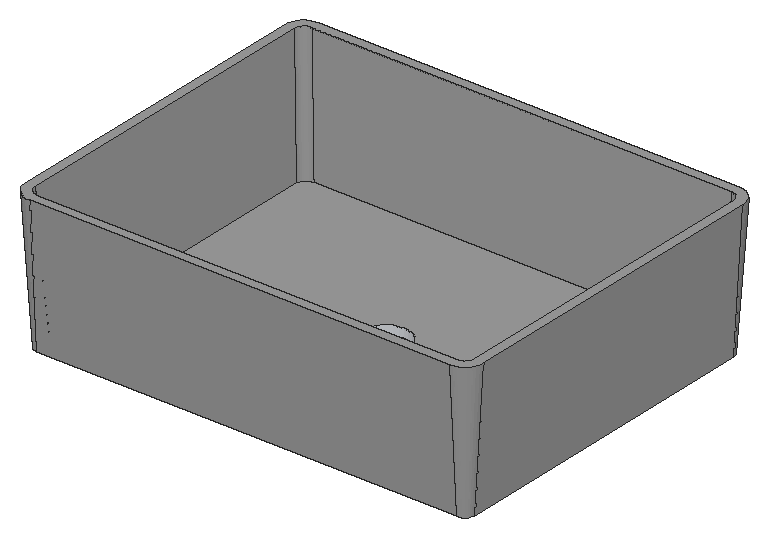
Revit family "L.TAU", category Plumbing Fixtures, Revit 2019
Family settings
  Round Connector Dimension = Use Diameter
  Part Type = Normal
  OmniClass Number = 23.45.00.00
  OmniClass Title = Sanitary, Laundry, and Cleaning Equipment
  Work Plane-Based = No
  Always vertical = Yes
  Cut with Voids When Loaded = No
  Shared = No
  Room Calculation Point = No
Reference planes
  plane 1 "Center (Front/Back)": y = 0
  plane 2: z = 0
  plane 3 "Center (Left/Right)": x = 0
Forms (mm)
  Blend 1, solid
    base sketch origin (0, 0, 0) x (1, 0, 0) y (0, 1, 0)
      loop
        line (455, 365) -> (20, 365)
        arc (20, 365) -> (12.929, 362.071) -> (10, 355) r 10
        line (10, 355) -> (10, 20)
        arc (10, 20) -> (12.929, 12.929) -> (20, 10) r 10
        line (20, 10) -> (455, 10)
        arc (455, 10) -> (462.071, 12.929) -> (465, 20) r 10
        line (465, 20) -> (465, 355)
        arc (465, 355) -> (462.071, 362.071) -> (455, 365) r 10
    top sketch origin (0, 0, 0) x (1, 0, 0) y (0, 1, 0)
      loop
        line (455, 375) -> (20, 375)
        arc (20, 375) -> (5.858, 369.142) -> (0, 355) r 20
        line (0, 355) -> (0, 20)
        arc (0, 20) -> (5.858, 5.858) -> (20, 0) r 20
        line (20, 0) -> (455, 0)
        arc (455, 0) -> (469.142, 5.858) -> (475, 20) r 20
        line (475, 20) -> (475, 355)
        arc (475, 355) -> (469.142, 369.142) -> (455, 375) r 20
    from 0 to 145
  Blend 2, void
    base sketch origin (0, 0, 0) x (1, 0, 0) y (0, 1, 0)
      loop
        arc (30, 355) -> (22.929, 352.071) -> (20, 345) r 10
        line (20, 345) -> (20, 30)
        arc (20, 30) -> (22.929, 22.929) -> (30, 20) r 10
        line (30, 20) -> (445, 20)
        arc (445, 20) -> (452.071, 22.929) -> (455, 30) r 10
        line (455, 30) -> (455, 345)
        arc (455, 345) -> (452.071, 352.071) -> (445, 355) r 10
        line (445, 355) -> (30, 355)
    top sketch origin (0, 0, 0) x (1, 0, 0) y (0, 1, 0)
      loop
        line (10, 355) -> (10, 20)
        arc (10, 20) -> (12.929, 12.929) -> (20, 10) r 10
        line (20, 10) -> (455, 10)
        arc (455, 10) -> (462.071, 12.929) -> (465, 20) r 10
        line (465, 20) -> (465, 355)
        arc (465, 355) -> (462.071, 362.071) -> (455, 365) r 10
        line (455, 365) -> (20, 365)
        arc (20, 365) -> (12.929, 362.071) -> (10, 355) r 10
    from 9.424 to 145
  Extrusion 3, void
    sketch origin (0, 0, 0) x (1, 0, 0) y (0, 1, 0)
      loop
        circle (237.5, 187.5) r 25
    from 0 to 9.424
Cuts and joins
  Blend 2, Extrusion 3 cuts Blend 1
Dimensions and locks
  aligned and locked: level to plane 2
